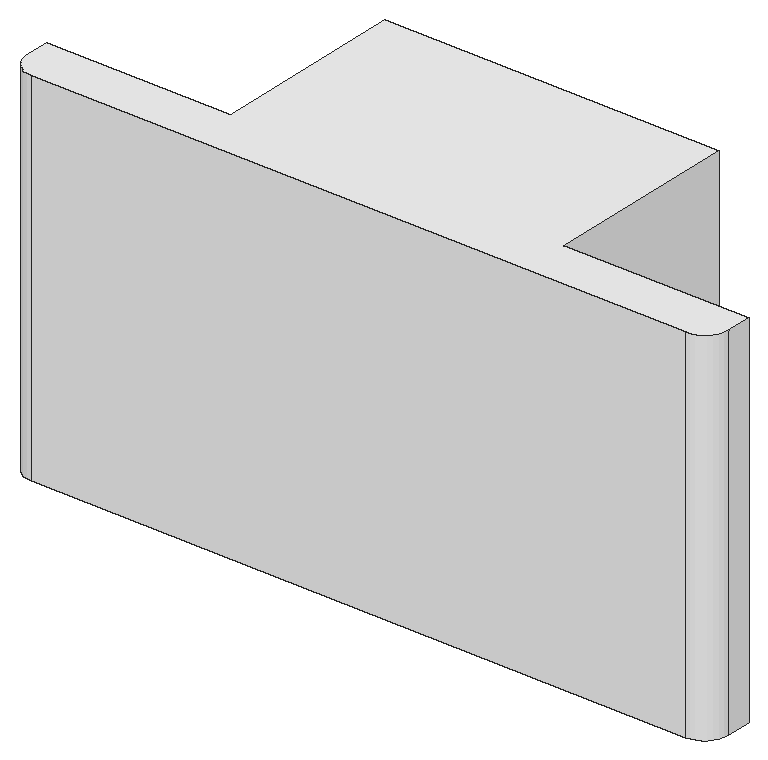
Revit family "LAMP_END COVER 48V", category Modelos genéricos, Revit 2015
Parameters (values of type "WHITE")
  Weight = 0.02 kg
  Product datasheet = "http://www.lamp.es/product-files/TECH/TLSUECW-EN.pdf"
  Product code = "TLSUECW"
  Product URL = "https://www.lamp.es/en/family/hance-48v_195581"
  Modelo = Product code  # "TLSUECW"
  Material = LAMP_Aluminio Carril BL
  Manufacturer name = "LAMP"
  Manufacturer country = "Spain"
  Manufacturer URL = "http://www.lamp.es/en"
  Last update = "02/04/2019"
  Installation instructions = "https://www.lamp.es/product-files/INS/1004480-INSTR.%20TRACK%2048V.pdf"
  Finish = "RAL9010 textured"
  Fabricante = Manufacturer name  # "LAMP"
  Descripción = "TRACK 48V ACC. END COVER WH."
  Accessory Type = "Assembly"
Types (2, lengths in mm): name | Product datasheet | Product code | Modelo | Material | Finish | Descripción
  BLACK | "http://www.lamp.es/product-files/TECH/TLSUECB-EN.pdf" | "TLSUECB" | "TLSUECB" | LAMP_Aluminio Carril NG | "RAL9011 textured" | "TRACK 48V ACC. END COVER BK."
  WHITE | "http://www.lamp.es/product-files/TECH/TLSUECW-EN.pdf" | "TLSUECW" | "TLSUECW" | LAMP_Aluminio Carril BL | "RAL9010 textured" | "TRACK 48V ACC. END COVER WH."
Reference planes
  plane 1 "Centro (Frontal/Posterior)": y = 0
  plane 2: z = 0
  plane 3 "Centro (Izquierda/Derecha)": x = 0
Forms (mm)
  Extrusion 1, solid, material "LAMP_Aluminio Carril BL" <- "Material"
    sketch origin (0, 0, 0) x (1, 0, 0) y (0, 1, 0)
      loop
        line (-13.522, 0) -> (13.507, 0)
        arc (13.507, 0) -> (14.209, 0.291) -> (14.5, 0.993) r 0.993
        line (14.5, 0.993) -> (14.5, 2) -> (6.892, 2) -> (6.892, 10) -> (-6.908, 10) -> (-6.908, 2) -> (-14.5, 2) -> (-14.5, 0.978)
        arc (-14.5, 0.978) -> (-14.214, 0.286) -> (-13.522, 0) r 0.978
    from 0 to 15
  Extrusion 2, void
    sketch origin (0, 0, 0) x (0, 1, 0) y (0, 0, 1)
      loop
        line (10, 0) -> (10, 3.4) -> (2, 3.4) -> (2, 0) -> (10, 0)
    from -14.5 to 14.5
Cuts and joins
  Extrusion 2 cuts Extrusion 1
Text (mm)
  text "Any modification of the parameters and properties of the LAMP BIM models must be executed and validated by the LAMP technical department.\n\nPhone: +34 93 736 68 00\n\nE-mail: lamp@lamp.es\n\n\n\nLAMP reserves the right to modify the technical specifications of its products." at (-37586.274, -22815.584, 10168.523), in view "Preview"
Dimensions and locks
  aligned and locked: level to plane 2
